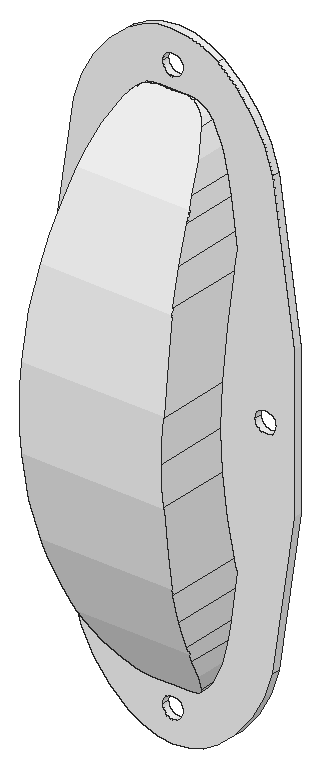
Revit family "KingswayGroup_PllHndls_EasyGripAnti-LigatureDoorHandleOnBackPlate", category Specialty Equipment, Revit 2020
Family settings
  Round Connector Dimension = Use Diameter
  Part Type = Normal
  Work Plane-Based = No
  Always vertical = Yes
  Cut with Voids When Loaded = No
  Shared = No
  Room Calculation Point = No
Parameters
  WarrantyStartDate [instance] = "1900-12-31T23:59:59"
  WarrantyGuarantorParts = "sales@kingswaygroup.co.uk"
  WarrantyGuarantorLabor = "n/a"
  WarrantyDurationUnit = "year"  # constant formula
  WarrantyDurationParts = "5"  # constant formula
  WarrantyDurationLabor = "n/a"
  WarrantyDescription = "5-Year Guarantee *For faulty manufacture and not for damage"  # constant formula
  Version = "1"
  Uniclass2015Version = "Products v1.36"
  Uniclass2015Title = "Pull handles"
  Uniclass2015Code = "Pr_30_36_59_64"
  URL = "https://kingswaygroupglobal.com/"
  TagNumber [instance] = "n/a"
  SustainabilityPerformance = "n/a"
  Size = "70 x 180 x 31 mm"
  Shape = "n/a"
  SerialNumber [instance] = "n/a"
  Revision = "n/a"
  ReplacementCost = "n/a"
  ProductInformation = "https://kingswaygroupglobal.com/product/anti-ligature-door-handle-easy-grip-pull?noredirect=true"
  NominalWidth = 31.00 mm  # constant formula
  NominalLength = 70.00 mm  # constant formula
  NominalHeight = 180.00 mm  # constant formula
  Name = "PullHandles_EasyGripAnti-LigatureDoorHandleOnBackPlate_KG30_KingswayGroup"
  ModelReference = "Easy Grip Anti-LigatureDoor Handle (On Backplate)"
  ModelNumber = "KG30"
  Model = ModelNumber  # "KG30"
  Material = "For full range of available material, contact Kingsway Group"
  ManufacturerURL = "https://kingswaygroupglobal.com/"
  ManufacturerName = "Kingsway Group"  # constant formula
  Manufacturer = ManufacturerName  # "Kingsway Group"
  InstallationDate [instance] = "1900-12-31T23:59:59"
  IfcExportType = "USERDEFINED"  # constant formula
  IfcExportAs = "IfcDiscreteAccessoryType"  # constant formula
  Grade = "n/a"
  Finish = "For full range of available finishes and colours, contact Kingsway Group"
  Features = "The Easy Grip is a compact Anti-Ligature Door Handle designed to offer excellent grip whilst remaining safe for installation in service user areas of a mental health facility. The anti-ligature handle features a shaped back plate that reduces risk while offering a modern and non-institutional appearance."
  ExpectedLife = "n/a"
  DurationUnit = "year"
  HandleMaterial [instance] = NBS_Concept
  Description = "Easy Grip Pull Handle On Backplate"
  Default Elevation = 0.00 mm
  Constituents = "n/a"
  Color = "For full range of available finishes and colours, contact Kingsway Group"
  CodePerformance = "n/a"
  Category = "Pr_30_36_59_64:Pull handles"
  BarCode [instance] = "n/a"
  BIMObjectName = "KingswayGroup_PullHandles_EasyGripAnti-LigatureDoorHandleOnBackPlate"
  Author = "Kingsway Group"  # constant formula
  AssetType = "Fixed"
  AssetIdentifier [instance] = "n/a"
  AccessibilityPerformance = "n/a"
Reference planes
  plane 1 "Center (Front/Back)": y = 0
  plane 2: z = 0
  plane 3 "Center (Left/Right)": x = 0
Forms (mm)
  Extrusion 1, solid, material "NBS_Concept" <- "HandleMaterial"
    sketch origin (0.06, -1.941, 0) x (1, 0, 0) y (0, 0, 1)
      loop
        arc (-4.185, 74.868) -> (-8.152, 73.81) -> (-11.065, 70.917) r 7.964
        arc (-11.065, 70.917) -> (-13.755, 65.053) -> (-15.252, 58.778) r 32.977
        arc (-15.252, 58.778) -> (-15.795, 56.121) -> (-16.212, 53.441) r 57.457
        arc (-16.212, 53.441) -> (-16.849, 49.157) -> (-17.438, 44.866) r 386.327
        arc (-17.438, 44.866) -> (-17.915, 40.567) -> (-18.347, 36.263) r 425.124
        arc (-18.347, 36.263) -> (-19.586, 23.784) -> (-20, 11.25) r 190.387
        arc (-20, 11.25) -> (-20.025, 5.625) -> (-20, 0) r 626.45
        arc (-20, 0) -> (-20.025, -5.625) -> (-20, -11.25) r 626.45
        arc (-20, -11.25) -> (-19.586, -23.784) -> (-18.347, -36.263) r 190.387
        arc (-18.347, -36.263) -> (-17.915, -40.567) -> (-17.438, -44.866) r 425.124
        arc (-17.438, -44.866) -> (-16.849, -49.157) -> (-16.212, -53.441) r 386.327
        arc (-16.212, -53.441) -> (-15.795, -56.121) -> (-15.252, -58.778) r 57.457
        arc (-15.252, -58.778) -> (-13.755, -65.053) -> (-11.065, -70.917) r 32.977
        arc (-11.065, -70.917) -> (-8.152, -73.81) -> (-4.185, -74.868) r 7.964
        line (-4.185, -74.868) -> (-0.06, -74.868) -> (4.066, -74.868)
        arc (4.066, -74.868) -> (8.032, -73.81) -> (10.945, -70.917) r 7.964
        arc (10.945, -70.917) -> (13.635, -65.053) -> (15.132, -58.778) r 32.977
        arc (15.132, -58.778) -> (15.675, -56.121) -> (16.092, -53.441) r 57.457
        arc (16.092, -53.441) -> (16.729, -49.157) -> (17.318, -44.866) r 386.327
        arc (17.318, -44.866) -> (17.795, -40.567) -> (18.227, -36.263) r 425.124
        arc (18.227, -36.263) -> (19.466, -23.784) -> (19.88, -11.25) r 190.387
        arc (19.88, -11.25) -> (19.905, -5.625) -> (19.88, 0) r 626.45
        arc (19.88, 0) -> (19.905, 5.625) -> (19.88, 11.25) r 626.45
        arc (19.88, 11.25) -> (19.466, 23.784) -> (18.227, 36.263) r 190.387
        arc (18.227, 36.263) -> (17.795, 40.567) -> (17.318, 44.866) r 425.124
        arc (17.318, 44.866) -> (16.729, 49.157) -> (16.092, 53.441) r 386.327
        arc (16.092, 53.441) -> (15.675, 56.121) -> (15.132, 58.778) r 57.457
        arc (15.132, 58.778) -> (13.635, 65.053) -> (10.945, 70.917) r 32.977
        arc (10.945, 70.917) -> (8.032, 73.81) -> (4.066, 74.868) r 7.964
        line (4.066, 74.868) -> (-0.06, 74.868) -> (-4.185, 74.868)
    from 0.059 to 43
  Extrusion 2, void
    sketch origin (-0.397, -1.941, 0) x (0, 1, 0) y (0, 0, 1)
      loop
        line (13.241, 87.826) -> (-41.808, 87.826)
        arc (-41.808, 87.826) -> (-54.304, 44.705) -> (-58.439, 0) r 236.855
        arc (-58.439, 0) -> (-54.304, -44.705) -> (-41.808, -87.826) r 236.855
        line (-41.808, -87.826) -> (13.241, -87.826)
        arc (13.241, -87.826) -> (-29.059, 0) -> (13.241, 87.826) r 112.324
    from -33.866 to 33.508
  Extrusion 3, void
    sketch origin (-0.397, -1.941, 0) x (0, 1, 0) y (0, 0, 1)
      loop
        line (-0.059, -40.565) -> (-0.059, 40.534)
        arc (-0.059, 40.534) -> (-6.474, 20.717) -> (-8.646, 0) r 100.035
        arc (-8.646, 0) -> (-6.478, -20.732) -> (-0.059, -40.565) r 100.035
    from -29.191 to 25
  Extrusion 4, solid, material "NBS_Concept" <- "HandleMaterial"
    sketch origin (-0.035, 0, 0) x (1, 0, 0) y (0, 0, 1)
      loop
        arc (12.524, 85.972) -> (0, 90.012) -> (-12.524, 85.972) r 21.432
        arc (-12.524, 85.972) -> (-22.394, 75.753) -> (-27.975, 62.689) r 39.218
        arc (-27.975, 62.689) -> (-34.96, 0) -> (-27.975, -62.689) r 284.8
        arc (-27.975, -62.689) -> (-22.426, -75.775) -> (-12.524, -85.972) r 38.67
        arc (-12.524, -85.972) -> (0, -90.012) -> (12.524, -85.972) r 21.432
        arc (12.524, -85.972) -> (22.426, -75.775) -> (27.975, -62.689) r 38.67
        arc (27.975, -62.689) -> (35.031, 0) -> (27.975, 62.689) r 282.022
        arc (27.975, 62.689) -> (22.394, 75.753) -> (12.524, 85.972) r 39.218
      loop
        circle (26.044, 0.013) r 2.99
      loop
        circle (-25.955, 0.013) r 2.99
      loop
        circle (0, 80.979) r 2.999
      loop
        circle (0, -81.017) r 2.999
    from 0 to 2
Cuts and joins
  Extrusion 2, Extrusion 3 cuts Extrusion 1
Dimensions and locks
  aligned and locked: level to plane 2
